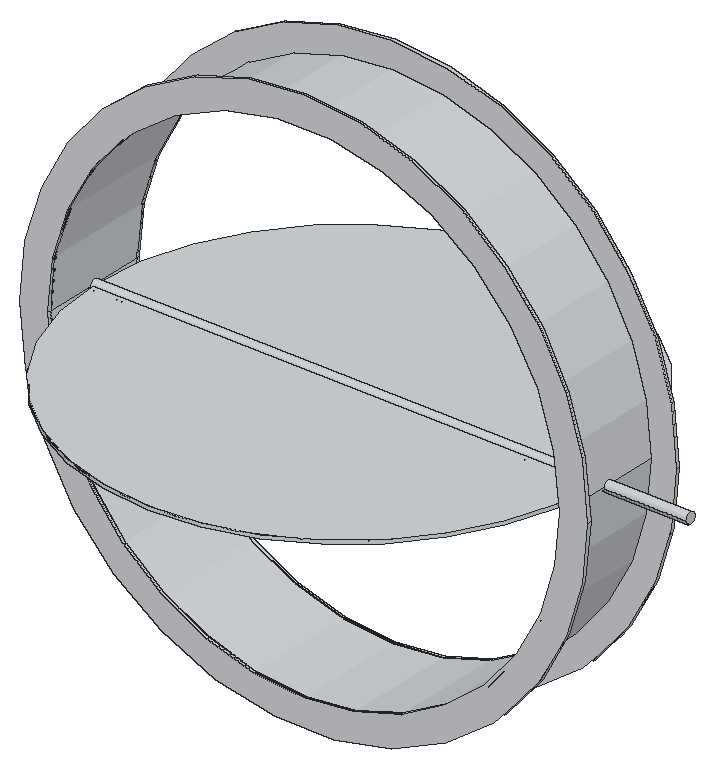
Revit family "HD-492", category Mechanical Equipment, Revit 2015
Parameters
  URL = "http://unitedenertech.com/catalog/pdf/D_11,%2012,%2013,%2014%20HD-492.pdf"
  Type Comments = "Max. Size is (72\" Diameter)"
  O Radius [instance] = I Radius + Frame Thickness  # 1' - 6 3/16"
  Model = "HD-492"
  Manufacturer = "United Enertech Corporation"
  I Radius [instance] = Exact Diameter / 2  # 1' - 6"
  Frame Thickness [instance] = if(Exact Diameter < 2' 8 1/8", 0' 0 17/128", if(Exact Diameter < 6' 0 1/8", 0' 0 3/16", 0' 0 3/16"))  # 0' - 0 3/16"
  Flange [instance] = if(Exact Diameter < 1' 0 1/8", 0' 1 1/4", if(Exact Diameter < 2' 0 1/8", 0' 1 1/2", if(Exact Diameter < 6' 0 1/8", 0' 2", 0' 2")))  # 0' - 2"
  F Radius [instance] = I Radius + Flange  # 1' - 8"
  Exact Diameter = 3' - 0"
  Description = "Round Industrial Control Damper"
  Depth = if(Exact Diameter > 1' 0 1/8", 0' 8", 0' 6")  # 0' - 8"
  Blade Thickness [instance] = if(Exact Diameter < 2' 0 1/8", 0' 0 3/16", if(Exact Diameter < 4' 0 1/8", 0' 0 1/4", if(Exact Diameter < 6' 0 1/8", 0' 0 3/8", 0' 0 3/8")))  # 0' - 0 1/4"
  Blade Radius [instance] = I Radius - 0' 0 1/4"  # 1' - 5 3/4"
  Axle Diameter [instance] = if(Exact Diameter < 1' 8 1/8", 0' 0 1/2", if(Exact Diameter < 3' 4 1/8", 0' 0 3/4", if(Exact Diameter < 4' 0 1/8", 0' 1", if(Exact Diameter < 5' 0 1/8", 0' 1 1/2", if(Exact Diameter < 6' 0 1/8", 0' 2", 0' 2")))))  # 0' - 0 3/4"
  A Radius [instance] = Axle Diameter / 2  # 0' - 0 3/8"
Reference planes (in)
  plane 1 "Center (Front/Back)": y = 0
  plane 2: z = 0
  plane 3 "Center (Left/Right)": x = 0
  plane 4: x = -18
  plane 5: x = 18
  plane 6: y = 8
  plane 7: x = -20
  plane 8: x = 20
  plane 9: y = 0.1875
  plane 10: y = 7.8125
  plane 11: x = -18.75
  plane 12: x = 24
  plane 13: z = 0.375
  plane 14: z = -0.375
  plane 15: y = 4
  plane 16: z = 0.125
  plane 17: z = -0.125
Forms (in)
  Extrusion 1, solid
    sketch origin (0, 0, 0) x (1, 0, 0) y (0, 0, 1)
      loop
        circle (0, 0) r 18
      loop
        circle (0, 0) r 18.1875
    from -7.8125 to -0.1875
  Extrusion 2, solid
    sketch origin (0, 0, 0) x (1, 0, 0) y (0, 0, 1)
      loop
        circle (0, 0) r 20
      loop
        circle (0, 0) r 18
    from -0.1875 to 0
  Extrusion 3, solid
    sketch origin (0, 0, 0) x (1, 0, 0) y (0, 0, 1)
      loop
        circle (0, 0) r 20
      loop
        circle (0, 0) r 18
    from -8 to -7.8125
  Extrusion 4, solid
    sketch origin (0, 0, 0) x (0, 1, 0) y (0, 0, 1)
      loop
        circle (4, 0) r 0.375
    from -18.75 to 24
  Extrusion 5, solid
    sketch origin (0, 0, 0) x (1, 0, 0) y (0, 1, 0)
      loop
        circle (0, 4) r 17.75
    from -0.125 to 0.125
Dimensions and locks (in)
  equal spacing: plane 4, plane 3 "Center (Left/Right)", plane 5
  "Exact Diameter": plane 4 to plane 5
  "Depth": plane 1 "Center (Front/Back)" to plane 6
  "Flange": plane 5 to plane 8
  "Flange": plane 7 to plane 4
  "Frame Thickness": plane 1 "Center (Front/Back)" to plane 9
  "Frame Thickness": plane 6 to plane 10
  locked: plane 11 to plane 4 at 0.75
  locked: plane 5 to plane 12 at 6
  equal spacing: plane 13, level, plane 14
  "Axle Diameter": plane 13 to plane 14
  equal spacing: plane 6, plane 15, plane 1 "Center (Front/Back)"
  equal spacing: plane 16, level, plane 17
  "Blade Thickness": plane 16 to plane 17
  "I Radius": radius of Extrusion 1 sketch curve
  "O Radius": radius of Extrusion 1 sketch curve
  "I Radius": radius of Extrusion 2 sketch curve
  "F Radius": radius of Extrusion 2 sketch curve
  "I Radius": radius of Extrusion 3 sketch curve
  "F Radius": radius of Extrusion 3 sketch curve
  "A Radius": radius of Extrusion 4 sketch curve
  "Blade Radius": radius of Extrusion 5 sketch curve
  aligned and locked: level to plane 2
  aligned and locked: Extrusion 1 to plane 9
  aligned and locked: plane 10 to Extrusion 1
  aligned and locked: plane 9 to Extrusion 2
  aligned and locked: plane 1 "Center (Front/Back)" to Extrusion 2
  aligned and locked: plane 6 to Extrusion 3
  aligned and locked: Extrusion 3 to plane 10
  aligned and locked: Extrusion 4 to plane 11
  aligned and locked: plane 12 to Extrusion 4
  aligned and locked: plane 16 to Extrusion 5
  aligned and locked: Extrusion 5 to plane 17
Automatic sketch dimensions
  Extrusion 1 sketch curve to Extrusion 1 sketch curve = 0' - 0"  (x2)
  Extrusion 1 sketch curve to level = 0' - 0"
  Extrusion 1 sketch curve to plane 3 "Center (Left/Right)" = 0' - 0"
  Extrusion 2 sketch curve to Extrusion 2 sketch curve = 0' - 0"  (x2)
  Extrusion 2 sketch curve to level = 0' - 0"
  Extrusion 2 sketch curve to plane 3 "Center (Left/Right)" = 0' - 0"
  Extrusion 3 sketch curve to Extrusion 3 sketch curve = 0' - 0"  (x2)
  Extrusion 3 sketch curve to level = 0' - 0"
  Extrusion 3 sketch curve to plane 3 "Center (Left/Right)" = 0' - 0"
  Extrusion 4 sketch curve to level = 0' - 0"
  Extrusion 4 sketch curve to plane 15 = 0' - 0"
  Extrusion 5 sketch curve to plane 3 "Center (Left/Right)" = 0' - 0"
  Extrusion 5 sketch curve to plane 15 = 0' - 0"
